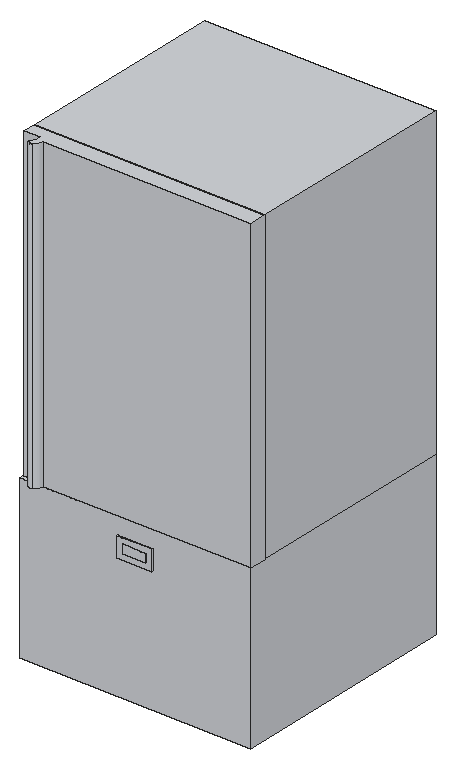
Revit family "Шкафы шоковой заморозки", category Оборудование, Revit 2020 (continued)
Lines and regions (mm)
  model lines, visible <- "Низкий", detail levels fine
    curve 758: line (-400, -341.801, 102.879) -> (-400, -363.014, 81.666)
    curve 2395: line (-18.293, -800, 236.857) -> (-4.151, -800, 222.715)
    curve 2396: line (-18.293, -800, 221.857) -> (-4.151, -800, 207.715)
    curve 2397: line (-18.293, -800, 206.857) -> (-4.151, -800, 192.715)
    curve 2398: line (-18.293, -800, 191.857) -> (-4.151, -800, 177.715)
    curve 2399: line (-18.293, -800, 176.857) -> (-4.151, -800, 162.715)
    curve 2400: line (-18.293, -800, 161.857) -> (-4.151, -800, 147.715)
    curve 2401: line (-18.293, -800, 146.857) -> (-4.151, -800, 132.715)
    curve 2402: line (-18.293, -800, 131.857) -> (-4.151, -800, 117.715)
    curve 2403: line (-18.293, -800, 116.857) -> (-4.151, -800, 102.715)
    curve 2404: line (-18.293, -800, 101.857) -> (-4.151, -800, 87.715)
    curve 2405: line (-18.293, -800, 86.857) -> (-4.151, -800, 72.715)
    curve 2406: line (-18.293, -800, 71.857) -> (-4.151, -800, 57.715)
    curve 2407: line (-38.293, -800, 236.857) -> (-24.151, -800, 222.715)
    curve 2408: line (-38.293, -800, 221.857) -> (-24.151, -800, 207.715)
    curve 2409: line (-38.293, -800, 206.857) -> (-24.151, -800, 192.715)
    curve 2410: line (-38.293, -800, 191.857) -> (-24.151, -800, 177.715)
    curve 2411: line (-38.293, -800, 176.857) -> (-24.151, -800, 162.715)
    curve 2412: line (-38.293, -800, 161.857) -> (-24.151, -800, 147.715)
    curve 2413: line (-38.293, -800, 146.857) -> (-24.151, -800, 132.715)
    curve 2414: line (-38.293, -800, 131.857) -> (-24.151, -800, 117.715)
    curve 2415: line (-38.293, -800, 116.857) -> (-24.151, -800, 102.715)
    curve 2416: line (-38.293, -800, 101.857) -> (-24.151, -800, 87.715)
    curve 2417: line (-38.293, -800, 86.857) -> (-24.151, -800, 72.715)
    curve 2418: line (-38.293, -800, 71.857) -> (-24.151, -800, 57.715)
    curve 2419: line (-58.293, -800, 236.857) -> (-44.151, -800, 222.715)
    curve 2420: line (-58.293, -800, 221.857) -> (-44.151, -800, 207.715)
    curve 2421: line (-58.293, -800, 206.857) -> (-44.151, -800, 192.715)
    curve 2422: line (-58.293, -800, 191.857) -> (-44.151, -800, 177.715)
    curve 2423: line (-58.293, -800, 176.857) -> (-44.151, -800, 162.715)
    curve 2424: line (-58.293, -800, 161.857) -> (-44.151, -800, 147.715)
    curve 2425: line (-58.293, -800, 146.857) -> (-44.151, -800, 132.715)
    curve 2426: line (-58.293, -800, 131.857) -> (-44.151, -800, 117.715)
    curve 2427: line (-58.293, -800, 116.857) -> (-44.151, -800, 102.715)
    curve 2428: line (-58.293, -800, 101.857) -> (-44.151, -800, 87.715)
    curve 2429: line (-58.293, -800, 86.857) -> (-44.151, -800, 72.715)
    curve 2430: line (-58.293, -800, 71.857) -> (-44.151, -800, 57.715)
    curve 2431: line (-78.293, -800, 236.857) -> (-64.151, -800, 222.715)
    curve 2432: line (-78.293, -800, 221.857) -> (-64.151, -800, 207.715)
    curve 2433: line (-78.293, -800, 206.857) -> (-64.151, -800, 192.715)
    curve 2434: line (-78.293, -800, 191.857) -> (-64.151, -800, 177.715)
    curve 2435: line (-78.293, -800, 176.857) -> (-64.151, -800, 162.715)
    curve 2436: line (-78.293, -800, 161.857) -> (-64.151, -800, 147.715)
    curve 2437: line (-78.293, -800, 146.857) -> (-64.151, -800, 132.715)
    curve 2438: line (-78.293, -800, 131.857) -> (-64.151, -800, 117.715)
    curve 2439: line (-78.293, -800, 116.857) -> (-64.151, -800, 102.715)
    curve 2440: line (-78.293, -800, 101.857) -> (-64.151, -800, 87.715)
    curve 2441: line (-78.293, -800, 86.857) -> (-64.151, -800, 72.715)
    curve 2442: line (-78.293, -800, 71.857) -> (-64.151, -800, 57.715)
    curve 2443: line (-98.293, -800, 236.857) -> (-84.151, -800, 222.715)
    curve 2444: line (-98.293, -800, 221.857) -> (-84.151, -800, 207.715)
    curve 2445: line (-98.293, -800, 206.857) -> (-84.151, -800, 192.715)
    curve 2446: line (-98.293, -800, 191.857) -> (-84.151, -800, 177.715)
    curve 2447: line (-98.293, -800, 176.857) -> (-84.151, -800, 162.715)
    curve 2448: line (-98.293, -800, 161.857) -> (-84.151, -800, 147.715)
    curve 2449: line (-98.293, -800, 146.857) -> (-84.151, -800, 132.715)
    curve 2450: line (-98.293, -800, 131.857) -> (-84.151, -800, 117.715)
    curve 2451: line (-98.293, -800, 116.857) -> (-84.151, -800, 102.715)
    curve 2452: line (-98.293, -800, 101.857) -> (-84.151, -800, 87.715)
    curve 2453: line (-98.293, -800, 86.857) -> (-84.151, -800, 72.715)
    curve 2454: line (-98.293, -800, 71.857) -> (-84.151, -800, 57.715)
    curve 2455: line (-98.293, -800, 251.857) -> (-84.151, -800, 237.715)
    curve 2456: line (-98.293, -800, 266.857) -> (-84.151, -800, 252.715)
    curve 2457: line (-98.293, -800, 281.857) -> (-84.151, -800, 267.715)
    curve 2458: line (-98.293, -800, 296.857) -> (-84.151, -800, 282.715)
    curve 2459: line (-98.293, -800, 311.857) -> (-84.151, -800, 297.715)
    curve 2460: line (-118.293, -800, 236.857) -> (-104.151, -800, 222.715)
    curve 2461: line (-118.293, -800, 221.857) -> (-104.151, -800, 207.715)
    curve 2462: line (-118.293, -800, 206.857) -> (-104.151, -800, 192.715)
    curve 2463: line (-118.293, -800, 191.857) -> (-104.151, -800, 177.715)
    curve 2464: line (-118.293, -800, 176.857) -> (-104.151, -800, 162.715)
    curve 2465: line (-118.293, -800, 161.857) -> (-104.151, -800, 147.715)
    curve 2466: line (-118.293, -800, 146.857) -> (-104.151, -800, 132.715)
    curve 2467: line (-118.293, -800, 131.857) -> (-104.151, -800, 117.715)
    curve 2468: line (-118.293, -800, 116.857) -> (-104.151, -800, 102.715)
    curve 2469: line (-118.293, -800, 101.857) -> (-104.151, -800, 87.715)
    curve 2470: line (-118.293, -800, 86.857) -> (-104.151, -800, 72.715)
    curve 2471: line (-118.293, -800, 71.857) -> (-104.151, -800, 57.715)
    curve 2472: line (-118.293, -800, 251.857) -> (-104.151, -800, 237.715)
    curve 2473: line (-118.293, -800, 266.857) -> (-104.151, -800, 252.715)
    curve 2474: line (-118.293, -800, 281.857) -> (-104.151, -800, 267.715)
    curve 2475: line (-118.293, -800, 296.857) -> (-104.151, -800, 282.715)
    curve 2476: line (-118.293, -800, 311.857) -> (-104.151, -800, 297.715)
    curve 2477: line (-138.293, -800, 236.857) -> (-124.151, -800, 222.715)
    curve 2478: line (-138.293, -800, 221.857) -> (-124.151, -800, 207.715)
    curve 2479: line (-138.293, -800, 206.857) -> (-124.151, -800, 192.715)
    curve 2480: line (-138.293, -800, 191.857) -> (-124.151, -800, 177.715)
    curve 2481: line (-138.293, -800, 176.857) -> (-124.151, -800, 162.715)
    curve 2482: line (-138.293, -800, 161.857) -> (-124.151, -800, 147.715)
    curve 2483: line (-138.293, -800, 146.857) -> (-124.151, -800, 132.715)
    curve 2484: line (-138.293, -800, 131.857) -> (-124.151, -800, 117.715)
    curve 2485: line (-138.293, -800, 116.857) -> (-124.151, -800, 102.715)
    curve 2486: line (-138.293, -800, 101.857) -> (-124.151, -800, 87.715)
    curve 2487: line (-138.293, -800, 86.857) -> (-124.151, -800, 72.715)
    curve 2488: line (-138.293, -800, 71.857) -> (-124.151, -800, 57.715)
    curve 2489: line (-138.293, -800, 251.857) -> (-124.151, -800, 237.715)
    curve 2490: line (-138.293, -800, 266.857) -> (-124.151, -800, 252.715)
    curve 2491: line (-138.293, -800, 281.857) -> (-124.151, -800, 267.715)
    curve 2492: line (-138.293, -800, 296.857) -> (-124.151, -800, 282.715)
    curve 2493: line (-138.293, -800, 311.857) -> (-124.151, -800, 297.715)
    curve 2494: line (-158.293, -800, 236.857) -> (-144.151, -800, 222.715)
    curve 2495: line (-158.293, -800, 221.857) -> (-144.151, -800, 207.715)
    curve 2496: line (-158.293, -800, 206.857) -> (-144.151, -800, 192.715)
    curve 2497: line (-158.293, -800, 191.857) -> (-144.151, -800, 177.715)
    curve 2498: line (-158.293, -800, 176.857) -> (-144.151, -800, 162.715)
    curve 2499: line (-158.293, -800, 161.857) -> (-144.151, -800, 147.715)
    curve 2500: line (-158.293, -800, 146.857) -> (-144.151, -800, 132.715)
    curve 2501: line (-158.293, -800, 131.857) -> (-144.151, -800, 117.715)
    curve 2502: line (-158.293, -800, 116.857) -> (-144.151, -800, 102.715)
    curve 2503: line (-158.293, -800, 101.857) -> (-144.151, -800, 87.715)
    curve 2504: line (-158.293, -800, 86.857) -> (-144.151, -800, 72.715)
    curve 2505: line (-158.293, -800, 71.857) -> (-144.151, -800, 57.715)
    curve 2506: line (-158.293, -800, 251.857) -> (-144.151, -800, 237.715)
    curve 2507: line (-158.293, -800, 266.857) -> (-144.151, -800, 252.715)
    curve 2508: line (-158.293, -800, 281.857) -> (-144.151, -800, 267.715)
    curve 2509: line (-158.293, -800, 296.857) -> (-144.151, -800, 282.715)
    curve 2510: line (-158.293, -800, 311.857) -> (-144.151, -800, 297.715)
    curve 2511: line (-178.293, -800, 236.857) -> (-164.151, -800, 222.715)
    curve 2512: line (-178.293, -800, 221.857) -> (-164.151, -800, 207.715)
    curve 2513: line (-178.293, -800, 206.857) -> (-164.151, -800, 192.715)
    curve 2514: line (-178.293, -800, 191.857) -> (-164.151, -800, 177.715)
    curve 2515: line (-178.293, -800, 176.857) -> (-164.151, -800, 162.715)
    curve 2516: line (-178.293, -800, 161.857) -> (-164.151, -800, 147.715)
    curve 2517: line (-178.293, -800, 146.857) -> (-164.151, -800, 132.715)
    curve 2518: line (-178.293, -800, 131.857) -> (-164.151, -800, 117.715)
    curve 2519: line (-178.293, -800, 116.857) -> (-164.151, -800, 102.715)
    curve 2520: line (-178.293, -800, 101.857) -> (-164.151, -800, 87.715)
    curve 2521: line (-178.293, -800, 86.857) -> (-164.151, -800, 72.715)
    curve 2522: line (-178.293, -800, 71.857) -> (-164.151, -800, 57.715)
    curve 2523: line (-178.293, -800, 251.857) -> (-164.151, -800, 237.715)
    curve 2524: line (-178.293, -800, 266.857) -> (-164.151, -800, 252.715)
    curve 2525: line (-178.293, -800, 281.857) -> (-164.151, -800, 267.715)
    curve 2526: line (-178.293, -800, 296.857) -> (-164.151, -800, 282.715)
    curve 2527: line (-178.293, -800, 311.857) -> (-164.151, -800, 297.715)
    curve 2528: line (-198.293, -800, 236.857) -> (-184.151, -800, 222.715)
    curve 2529: line (-198.293, -800, 221.857) -> (-184.151, -800, 207.715)
    curve 2530: line (-198.293, -800, 206.857) -> (-184.151, -800, 192.715)
    curve 2531: line (-198.293, -800, 191.857) -> (-184.151, -800, 177.715)
    curve 2532: line (-198.293, -800, 176.857) -> (-184.151, -800, 162.715)
    curve 2533: line (-198.293, -800, 161.857) -> (-184.151, -800, 147.715)
    curve 2534: line (-198.293, -800, 146.857) -> (-184.151, -800, 132.715)
    curve 2535: line (-198.293, -800, 131.857) -> (-184.151, -800, 117.715)
    curve 2536: line (-198.293, -800, 116.857) -> (-184.151, -800, 102.715)
    curve 2537: line (-198.293, -800, 101.857) -> (-184.151, -800, 87.715)
    curve 2538: line (-198.293, -800, 86.857) -> (-184.151, -800, 72.715)
    curve 2539: line (-198.293, -800, 71.857) -> (-184.151, -800, 57.715)
    curve 2540: line (-198.293, -800, 251.857) -> (-184.151, -800, 237.715)
    curve 2541: line (-198.293, -800, 266.857) -> (-184.151, -800, 252.715)
    curve 2542: line (-198.293, -800, 281.857) -> (-184.151, -800, 267.715)
    curve 2543: line (-198.293, -800, 296.857) -> (-184.151, -800, 282.715)
    curve 2544: line (-198.293, -800, 311.857) -> (-184.151, -800, 297.715)
    curve 2545: line (-218.293, -800, 236.857) -> (-204.151, -800, 222.715)
    curve 2546: line (-218.293, -800, 221.857) -> (-204.151, -800, 207.715)
    curve 2547: line (-218.293, -800, 206.857) -> (-204.151, -800, 192.715)
    curve 2548: line (-218.293, -800, 191.857) -> (-204.151, -800, 177.715)
    curve 2549: line (-218.293, -800, 176.857) -> (-204.151, -800, 162.715)
    curve 2550: line (-218.293, -800, 161.857) -> (-204.151, -800, 147.715)
    curve 2551: line (-218.293, -800, 146.857) -> (-204.151, -800, 132.715)
    curve 2552: line (-218.293, -800, 131.857) -> (-204.151, -800, 117.715)
    curve 2553: line (-218.293, -800, 116.857) -> (-204.151, -800, 102.715)
    curve 2554: line (-218.293, -800, 101.857) -> (-204.151, -800, 87.715)
    curve 2555: line (-218.293, -800, 86.857) -> (-204.151, -800, 72.715)
    curve 2556: line (-218.293, -800, 71.857) -> (-204.151, -800, 57.715)
    curve 2557: line (-218.293, -800, 251.857) -> (-204.151, -800, 237.715)
    curve 2558: line (-218.293, -800, 266.857) -> (-204.151, -800, 252.715)
    curve 2559: line (-218.293, -800, 281.857) -> (-204.151, -800, 267.715)
    curve 2560: line (-218.293, -800, 296.857) -> (-204.151, -800, 282.715)
    curve 2561: line (-218.293, -800, 311.857) -> (-204.151, -800, 297.715)
    curve 2562: line (-238.293, -800, 236.857) -> (-224.151, -800, 222.715)
    curve 2563: line (-238.293, -800, 221.857) -> (-224.151, -800, 207.715)
    curve 2564: line (-238.293, -800, 206.857) -> (-224.151, -800, 192.715)
    curve 2565: line (-238.293, -800, 191.857) -> (-224.151, -800, 177.715)
    curve 2566: line (-238.293, -800, 176.857) -> (-224.151, -800, 162.715)
    curve 2567: line (-238.293, -800, 161.857) -> (-224.151, -800, 147.715)
    curve 2568: line (-238.293, -800, 146.857) -> (-224.151, -800, 132.715)
    curve 2569: line (-238.293, -800, 131.857) -> (-224.151, -800, 117.715)
    curve 2570: line (-238.293, -800, 116.857) -> (-224.151, -800, 102.715)
    curve 2571: line (-238.293, -800, 101.857) -> (-224.151, -800, 87.715)
    curve 2572: line (-238.293, -800, 86.857) -> (-224.151, -800, 72.715)
    curve 2573: line (-238.293, -800, 71.857) -> (-224.151, -800, 57.715)
    curve 2574: line (-238.293, -800, 251.857) -> (-224.151, -800, 237.715)
    curve 2575: line (-238.293, -800, 266.857) -> (-224.151, -800, 252.715)
    curve 2576: line (-238.293, -800, 281.857) -> (-224.151, -800, 267.715)
    curve 2577: line (-238.293, -800, 296.857) -> (-224.151, -800, 282.715)
    curve 2578: line (-238.293, -800, 311.857) -> (-224.151, -800, 297.715)
    curve 2579: line (-258.293, -800, 236.857) -> (-244.151, -800, 222.715)
    curve 2580: line (-258.293, -800, 221.857) -> (-244.151, -800, 207.715)
    curve 2581: line (-258.293, -800, 206.857) -> (-244.151, -800, 192.715)
    curve 2582: line (-258.293, -800, 191.857) -> (-244.151, -800, 177.715)
    curve 2583: line (-258.293, -800, 176.857) -> (-244.151, -800, 162.715)
    curve 2584: line (-258.293, -800, 161.857) -> (-244.151, -800, 147.715)
    curve 2585: line (-258.293, -800, 146.857) -> (-244.151, -800, 132.715)
    curve 2586: line (-258.293, -800, 131.857) -> (-244.151, -800, 117.715)
    curve 2587: line (-258.293, -800, 116.857) -> (-244.151, -800, 102.715)
    curve 2588: line (-258.293, -800, 101.857) -> (-244.151, -800, 87.715)
    curve 2589: line (-258.293, -800, 86.857) -> (-244.151, -800, 72.715)
    curve 2590: line (-258.293, -800, 71.857) -> (-244.151, -800, 57.715)
    curve 2591: line (-258.293, -800, 251.857) -> (-244.151, -800, 237.715)
    curve 2592: line (-258.293, -800, 266.857) -> (-244.151, -800, 252.715)
    curve 2593: line (-258.293, -800, 281.857) -> (-244.151, -800, 267.715)
    curve 2594: line (-258.293, -800, 296.857) -> (-244.151, -800, 282.715)
    curve 2595: line (-258.293, -800, 311.857) -> (-244.151, -800, 297.715)
    curve 2596: line (18.293, -800, 236.857) -> (4.151, -800, 222.715)
    curve 2597: line (18.293, -800, 221.857) -> (4.151, -800, 207.715)
    curve 2598: line (18.293, -800, 206.857) -> (4.151, -800, 192.715)
    curve 2599: line (18.293, -800, 191.857) -> (4.151, -800, 177.715)
    curve 2600: line (18.293, -800, 176.857) -> (4.151, -800, 162.715)
    curve 2601: line (18.293, -800, 161.857) -> (4.151, -800, 147.715)
    curve 2602: line (18.293, -800, 146.857) -> (4.151, -800, 132.715)
    curve 2603: line (18.293, -800, 131.857) -> (4.151, -800, 117.715)
    curve 2604: line (18.293, -800, 116.857) -> (4.151, -800, 102.715)
    curve 2605: line (18.293, -800, 101.857) -> (4.151, -800, 87.715)
    curve 2606: line (18.293, -800, 86.857) -> (4.151, -800, 72.715)
    curve 2607: line (18.293, -800, 71.857) -> (4.151, -800, 57.715)
    curve 2608: line (38.293, -800, 236.857) -> (24.151, -800, 222.715)
    curve 2609: line (38.293, -800, 221.857) -> (24.151, -800, 207.715)
    curve 2610: line (38.293, -800, 206.857) -> (24.151, -800, 192.715)
    curve 2611: line (38.293, -800, 191.857) -> (24.151, -800, 177.715)
    curve 2612: line (38.293, -800, 176.857) -> (24.151, -800, 162.715)
    curve 2613: line (38.293, -800, 161.857) -> (24.151, -800, 147.715)
    curve 2614: line (38.293, -800, 146.857) -> (24.151, -800, 132.715)
    curve 2615: line (38.293, -800, 131.857) -> (24.151, -800, 117.715)
    curve 2616: line (38.293, -800, 116.857) -> (24.151, -800, 102.715)
    curve 2617: line (38.293, -800, 101.857) -> (24.151, -800, 87.715)
    curve 2618: line (38.293, -800, 86.857) -> (24.151, -800, 72.715)
    curve 2619: line (38.293, -800, 71.857) -> (24.151, -800, 57.715)
    curve 2620: line (58.293, -800, 236.857) -> (44.151, -800, 222.715)
    curve 2621: line (58.293, -800, 221.857) -> (44.151, -800, 207.715)
    curve 2622: line (58.293, -800, 206.857) -> (44.151, -800, 192.715)
    curve 2623: line (58.293, -800, 191.857) -> (44.151, -800, 177.715)
    curve 2624: line (58.293, -800, 176.857) -> (44.151, -800, 162.715)
    curve 2625: line (58.293, -800, 161.857) -> (44.151, -800, 147.715)
    curve 2626: line (58.293, -800, 146.857) -> (44.151, -800, 132.715)
    curve 2627: line (58.293, -800, 131.857) -> (44.151, -800, 117.715)
    curve 2628: line (58.293, -800, 116.857) -> (44.151, -800, 102.715)
    curve 2629: line (58.293, -800, 101.857) -> (44.151, -800, 87.715)
    curve 2630: line (58.293, -800, 86.857) -> (44.151, -800, 72.715)
    curve 2631: line (58.293, -800, 71.857) -> (44.151, -800, 57.715)
    curve 2632: line (78.293, -800, 236.857) -> (64.151, -800, 222.715)
    curve 2633: line (78.293, -800, 221.857) -> (64.151, -800, 207.715)
    curve 2634: line (78.293, -800, 206.857) -> (64.151, -800, 192.715)
    curve 2635: line (78.293, -800, 191.857) -> (64.151, -800, 177.715)
    curve 2636: line (78.293, -800, 176.857) -> (64.151, -800, 162.715)
    curve 2637: line (78.293, -800, 161.857) -> (64.151, -800, 147.715)
    curve 2638: line (78.293, -800, 146.857) -> (64.151, -800, 132.715)
    curve 2639: line (78.293, -800, 131.857) -> (64.151, -800, 117.715)
    curve 2640: line (78.293, -800, 116.857) -> (64.151, -800, 102.715)
    curve 2641: line (78.293, -800, 101.857) -> (64.151, -800, 87.715)
    curve 2642: line (78.293, -800, 86.857) -> (64.151, -800, 72.715)
    curve 2643: line (78.293, -800, 71.857) -> (64.151, -800, 57.715)
    curve 2644: line (98.293, -800, 236.857) -> (84.151, -800, 222.715)
    curve 2645: line (98.293, -800, 221.857) -> (84.151, -800, 207.715)
    curve 2646: line (98.293, -800, 206.857) -> (84.151, -800, 192.715)
    curve 2647: line (98.293, -800, 191.857) -> (84.151, -800, 177.715)
    curve 2648: line (98.293, -800, 176.857) -> (84.151, -800, 162.715)
    curve 2649: line (98.293, -800, 161.857) -> (84.151, -800, 147.715)
    curve 2650: line (98.293, -800, 146.857) -> (84.151, -800, 132.715)
    curve 2651: line (98.293, -800, 131.857) -> (84.151, -800, 117.715)
    curve 2652: line (98.293, -800, 116.857) -> (84.151, -800, 102.715)
    curve 2653: line (98.293, -800, 101.857) -> (84.151, -800, 87.715)
    curve 2654: line (98.293, -800, 86.857) -> (84.151, -800, 72.715)
    curve 2655: line (98.293, -800, 71.857) -> (84.151, -800, 57.715)
    curve 2656: line (98.293, -800, 251.857) -> (84.151, -800, 237.715)
    curve 2657: line (98.293, -800, 266.857) -> (84.151, -800, 252.715)
    curve 2658: line (98.293, -800, 281.857) -> (84.151, -800, 267.715)
    curve 2659: line (98.293, -800, 296.857) -> (84.151, -800, 282.715)
    curve 2660: line (98.293, -800, 311.857) -> (84.151, -800, 297.715)
    curve 2661: line (118.293, -800, 236.857) -> (104.151, -800, 222.715)
    curve 2662: line (118.293, -800, 221.857) -> (104.151, -800, 207.715)
    curve 2663: line (118.293, -800, 206.857) -> (104.151, -800, 192.715)
    curve 2664: line (118.293, -800, 191.857) -> (104.151, -800, 177.715)
    curve 2665: line (118.293, -800, 176.857) -> (104.151, -800, 162.715)
    curve 2666: line (118.293, -800, 161.857) -> (104.151, -800, 147.715)
    curve 2667: line (118.293, -800, 146.857) -> (104.151, -800, 132.715)
    curve 2668: line (118.293, -800, 131.857) -> (104.151, -800, 117.715)
    curve 2669: line (118.293, -800, 116.857) -> (104.151, -800, 102.715)
    curve 2670: line (118.293, -800, 101.857) -> (104.151, -800, 87.715)
    curve 2671: line (118.293, -800, 86.857) -> (104.151, -800, 72.715)
    curve 2672: line (118.293, -800, 71.857) -> (104.151, -800, 57.715)
    curve 2673: line (118.293, -800, 251.857) -> (104.151, -800, 237.715)
    curve 2674: line (118.293, -800, 266.857) -> (104.151, -800, 252.715)
    curve 2675: line (118.293, -800, 281.857) -> (104.151, -800, 267.715)
    curve 2676: line (118.293, -800, 296.857) -> (104.151, -800, 282.715)
    curve 2677: line (118.293, -800, 311.857) -> (104.151, -800, 297.715)
    curve 2678: line (138.293, -800, 236.857) -> (124.151, -800, 222.715)
    curve 2679: line (138.293, -800, 221.857) -> (124.151, -800, 207.715)
    curve 2680: line (138.293, -800, 206.857) -> (124.151, -800, 192.715)
    curve 2681: line (138.293, -800, 191.857) -> (124.151, -800, 177.715)
    curve 2682: line (138.293, -800, 176.857) -> (124.151, -800, 162.715)
    curve 2683: line (138.293, -800, 161.857) -> (124.151, -800, 147.715)
    curve 2684: line (138.293, -800, 146.857) -> (124.151, -800, 132.715)
    curve 2685: line (138.293, -800, 131.857) -> (124.151, -800, 117.715)
    curve 2686: line (138.293, -800, 116.857) -> (124.151, -800, 102.715)
    curve 2687: line (138.293, -800, 101.857) -> (124.151, -800, 87.715)
    curve 2688: line (138.293, -800, 86.857) -> (124.151, -800, 72.715)
    curve 2689: line (138.293, -800, 71.857) -> (124.151, -800, 57.715)
    curve 2690: line (138.293, -800, 251.857) -> (124.151, -800, 237.715)
    curve 2691: line (138.293, -800, 266.857) -> (124.151, -800, 252.715)
    curve 2692: line (138.293, -800, 281.857) -> (124.151, -800, 267.715)
    curve 2693: line (138.293, -800, 296.857) -> (124.151, -800, 282.715)
    curve 2694: line (138.293, -800, 311.857) -> (124.151, -800, 297.715)
    curve 2695: line (158.293, -800, 236.857) -> (144.151, -800, 222.715)
    curve 2696: line (158.293, -800, 221.857) -> (144.151, -800, 207.715)
    curve 2697: line (158.293, -800, 206.857) -> (144.151, -800, 192.715)
    curve 2698: line (158.293, -800, 191.857) -> (144.151, -800, 177.715)
    curve 2699: line (158.293, -800, 176.857) -> (144.151, -800, 162.715)
    curve 2700: line (158.293, -800, 161.857) -> (144.151, -800, 147.715)
    curve 2701: line (158.293, -800, 146.857) -> (144.151, -800, 132.715)
    curve 2702: line (158.293, -800, 131.857) -> (144.151, -800, 117.715)
    curve 2703: line (158.293, -800, 116.857) -> (144.151, -800, 102.715)
    curve 2704: line (158.293, -800, 101.857) -> (144.151, -800, 87.715)
    curve 2705: line (158.293, -800, 86.857) -> (144.151, -800, 72.715)
    curve 2706: line (158.293, -800, 71.857) -> (144.151, -800, 57.715)
    curve 2707: line (158.293, -800, 251.857) -> (144.151, -800, 237.715)
    curve 2708: line (158.293, -800, 266.857) -> (144.151, -800, 252.715)
    curve 2709: line (158.293, -800, 281.857) -> (144.151, -800, 267.715)
    curve 2710: line (158.293, -800, 296.857) -> (144.151, -800, 282.715)
    curve 2711: line (158.293, -800, 311.857) -> (144.151, -800, 297.715)
    curve 2712: line (178.293, -800, 236.857) -> (164.151, -800, 222.715)
    curve 2713: line (178.293, -800, 221.857) -> (164.151, -800, 207.715)
    curve 2714: line (178.293, -800, 206.857) -> (164.151, -800, 192.715)
    curve 2715: line (178.293, -800, 191.857) -> (164.151, -800, 177.715)
    curve 2716: line (178.293, -800, 176.857) -> (164.151, -800, 162.715)
    curve 2717: line (178.293, -800, 161.857) -> (164.151, -800, 147.715)
    curve 2718: line (178.293, -800, 146.857) -> (164.151, -800, 132.715)
    curve 2719: line (178.293, -800, 131.857) -> (164.151, -800, 117.715)
    curve 2720: line (178.293, -800, 116.857) -> (164.151, -800, 102.715)
    curve 2721: line (178.293, -800, 101.857) -> (164.151, -800, 87.715)
    curve 2722: line (178.293, -800, 86.857) -> (164.151, -800, 72.715)
    curve 2723: line (178.293, -800, 71.857) -> (164.151, -800, 57.715)
    curve 2724: line (178.293, -800, 251.857) -> (164.151, -800, 237.715)
    curve 2725: line (178.293, -800, 266.857) -> (164.151, -800, 252.715)
    curve 2726: line (178.293, -800, 281.857) -> (164.151, -800, 267.715)
    curve 2727: line (178.293, -800, 296.857) -> (164.151, -800, 282.715)
    curve 2728: line (178.293, -800, 311.857) -> (164.151, -800, 297.715)
    curve 2729: line (198.293, -800, 236.857) -> (184.151, -800, 222.715)
    curve 2730: line (198.293, -800, 221.857) -> (184.151, -800, 207.715)
    curve 2731: line (198.293, -800, 206.857) -> (184.151, -800, 192.715)
    curve 2732: line (198.293, -800, 191.857) -> (184.151, -800, 177.715)
    curve 2733: line (198.293, -800, 176.857) -> (184.151, -800, 162.715)
    curve 2734: line (198.293, -800, 161.857) -> (184.151, -800, 147.715)
    curve 2735: line (198.293, -800, 146.857) -> (184.151, -800, 132.715)
    curve 2736: line (198.293, -800, 131.857) -> (184.151, -800, 117.715)
    curve 2737: line (198.293, -800, 116.857) -> (184.151, -800, 102.715)
    curve 2738: line (198.293, -800, 101.857) -> (184.151, -800, 87.715)
    curve 2739: line (198.293, -800, 86.857) -> (184.151, -800, 72.715)
    curve 2740: line (198.293, -800, 71.857) -> (184.151, -800, 57.715)
    curve 2741: line (198.293, -800, 251.857) -> (184.151, -800, 237.715)
    curve 2742: line (198.293, -800, 266.857) -> (184.151, -800, 252.715)
    curve 2743: line (198.293, -800, 281.857) -> (184.151, -800, 267.715)
    curve 2744: line (198.293, -800, 296.857) -> (184.151, -800, 282.715)
    curve 2745: line (198.293, -800, 311.857) -> (184.151, -800, 297.715)
    curve 2746: line (218.293, -800, 236.857) -> (204.151, -800, 222.715)
    curve 2747: line (218.293, -800, 221.857) -> (204.151, -800, 207.715)
    curve 2748: line (218.293, -800, 206.857) -> (204.151, -800, 192.715)
    curve 2749: line (218.293, -800, 191.857) -> (204.151, -800, 177.715)
    curve 2750: line (218.293, -800, 176.857) -> (204.151, -800, 162.715)
    curve 2751: line (218.293, -800, 161.857) -> (204.151, -800, 147.715)
    curve 2752: line (218.293, -800, 146.857) -> (204.151, -800, 132.715)
    curve 2753: line (218.293, -800, 131.857) -> (204.151, -800, 117.715)
    curve 2754: line (218.293, -800, 116.857) -> (204.151, -800, 102.715)
    curve 2755: line (218.293, -800, 101.857) -> (204.151, -800, 87.715)
    curve 2756: line (218.293, -800, 86.857) -> (204.151, -800, 72.715)
    curve 2757: line (218.293, -800, 71.857) -> (204.151, -800, 57.715)
    curve 2758: line (218.293, -800, 251.857) -> (204.151, -800, 237.715)
    curve 2759: line (218.293, -800, 266.857) -> (204.151, -800, 252.715)
    curve 2760: line (218.293, -800, 281.857) -> (204.151, -800, 267.715)
    curve 2761: line (218.293, -800, 296.857) -> (204.151, -800, 282.715)
    curve 2762: line (218.293, -800, 311.857) -> (204.151, -800, 297.715)
    curve 2763: line (238.293, -800, 236.857) -> (224.151, -800, 222.715)
    curve 2764: line (238.293, -800, 221.857) -> (224.151, -800, 207.715)
    curve 2765: line (238.293, -800, 206.857) -> (224.151, -800, 192.715)
    curve 2766: line (238.293, -800, 191.857) -> (224.151, -800, 177.715)
    curve 2767: line (238.293, -800, 176.857) -> (224.151, -800, 162.715)
    curve 2768: line (238.293, -800, 161.857) -> (224.151, -800, 147.715)
    curve 2769: line (238.293, -800, 146.857) -> (224.151, -800, 132.715)
    curve 2770: line (238.293, -800, 131.857) -> (224.151, -800, 117.715)
    curve 2771: line (238.293, -800, 116.857) -> (224.151, -800, 102.715)
    curve 2772: line (238.293, -800, 101.857) -> (224.151, -800, 87.715)
    curve 2773: line (238.293, -800, 86.857) -> (224.151, -800, 72.715)
    curve 2774: line (238.293, -800, 71.857) -> (224.151, -800, 57.715)
    curve 2775: line (238.293, -800, 251.857) -> (224.151, -800, 237.715)
    curve 2776: line (238.293, -800, 266.857) -> (224.151, -800, 252.715)
    curve 2777: line (238.293, -800, 281.857) -> (224.151, -800, 267.715)
    curve 2778: line (238.293, -800, 296.857) -> (224.151, -800, 282.715)
    curve 2779: line (238.293, -800, 311.857) -> (224.151, -800, 297.715)
    curve 2780: line (258.293, -800, 236.857) -> (244.151, -800, 222.715)
    curve 2781: line (258.293, -800, 221.857) -> (244.151, -800, 207.715)
    curve 2782: line (258.293, -800, 206.857) -> (244.151, -800, 192.715)
    curve 2783: line (258.293, -800, 191.857) -> (244.151, -800, 177.715)
    curve 2784: line (258.293, -800, 176.857) -> (244.151, -800, 162.715)
    curve 2785: line (258.293, -800, 161.857) -> (244.151, -800, 147.715)
    curve 2786: line (258.293, -800, 146.857) -> (244.151, -800, 132.715)
    curve 2787: line (258.293, -800, 131.857) -> (244.151, -800, 117.715)
    curve 2788: line (258.293, -800, 116.857) -> (244.151, -800, 102.715)
    curve 2789: line (258.293, -800, 101.857) -> (244.151, -800, 87.715)
    curve 2790: line (258.293, -800, 86.857) -> (244.151, -800, 72.715)
    curve 2791: line (258.293, -800, 71.857) -> (244.151, -800, 57.715)
    curve 2792: line (258.293, -800, 251.857) -> (244.151, -800, 237.715)
    curve 2793: line (258.293, -800, 266.857) -> (244.151, -800, 252.715)
    curve 2794: line (258.293, -800, 281.857) -> (244.151, -800, 267.715)
    curve 2795: line (258.293, -800, 296.857) -> (244.151, -800, 282.715)
    curve 2796: line (258.293, -800, 311.857) -> (244.151, -800, 297.715)
    curve 2797: line (-98.293, -800, 326.857) -> (-84.151, -800, 312.715)
    curve 2798: line (-118.293, -800, 326.857) -> (-104.151, -800, 312.715)
    curve 2799: line (-138.293, -800, 326.857) -> (-124.151, -800, 312.715)
    curve 2800: line (-158.293, -800, 326.857) -> (-144.151, -800, 312.715)
    curve 2801: line (-178.293, -800, 326.857) -> (-164.151, -800, 312.715)
    curve 2802: line (-198.293, -800, 326.857) -> (-184.151, -800, 312.715)
    curve 2803: line (-218.293, -800, 326.857) -> (-204.151, -800, 312.715)
    curve 2804: line (-238.293, -800, 326.857) -> (-224.151, -800, 312.715)
    curve 2805: line (-258.293, -800, 326.857) -> (-244.151, -800, 312.715)
    curve 2806: line (98.293, -800, 326.857) -> (84.151, -800, 312.715)
    curve 2807: line (118.293, -800, 326.857) -> (104.151, -800, 312.715)
    curve 2808: line (138.293, -800, 326.857) -> (124.151, -800, 312.715)
    curve 2809: line (158.293, -800, 326.857) -> (144.151, -800, 312.715)
    curve 2810: line (178.293, -800, 326.857) -> (164.151, -800, 312.715)
    curve 2811: line (198.293, -800, 326.857) -> (184.151, -800, 312.715)
    curve 2812: line (218.293, -800, 326.857) -> (204.151, -800, 312.715)
    curve 2813: line (238.293, -800, 326.857) -> (224.151, -800, 312.715)
    curve 2814: line (258.293, -800, 326.857) -> (244.151, -800, 312.715)
    curve 2815: line (-98.293, -800, 341.857) -> (-84.151, -800, 327.715)
    curve 2816: line (-118.293, -800, 341.857) -> (-104.151, -800, 327.715)
    curve 2817: line (-138.293, -800, 341.857) -> (-124.151, -800, 327.715)
    curve 2818: line (-158.293, -800, 341.857) -> (-144.151, -800, 327.715)
    curve 2819: line (-178.293, -800, 341.857) -> (-164.151, -800, 327.715)
    curve 2820: line (-198.293, -800, 341.857) -> (-184.151, -800, 327.715)
    curve 2821: line (-218.293, -800, 341.857) -> (-204.151, -800, 327.715)
    curve 2822: line (-238.293, -800, 341.857) -> (-224.151, -800, 327.715)
    curve 2823: line (-258.293, -800, 341.857) -> (-244.151, -800, 327.715)
    curve 2824: line (98.293, -800, 341.857) -> (84.151, -800, 327.715)
    curve 2825: line (118.293, -800, 341.857) -> (104.151, -800, 327.715)
    curve 2826: line (138.293, -800, 341.857) -> (124.151, -800, 327.715)
    curve 2827: line (158.293, -800, 341.857) -> (144.151, -800, 327.715)
    curve 2828: line (178.293, -800, 341.857) -> (164.151, -800, 327.715)
    curve 2829: line (198.293, -800, 341.857) -> (184.151, -800, 327.715)
    curve 2830: line (218.293, -800, 341.857) -> (204.151, -800, 327.715)
    curve 2831: line (238.293, -800, 341.857) -> (224.151, -800, 327.715)
    curve 2832: line (258.293, -800, 341.857) -> (244.151, -800, 327.715)
  model lines, visible <- "Низкий", detail levels medium
    curve 759: line (-400, -71.801, 207.879) -> (-400, -664.716, 207.879)
    curve 760: line (-400, -71.801, 77.264) -> (-400, -71.801, 207.879)
    curve 761: line (-400, -664.716, 77.264) -> (-400, -71.801, 77.264)
    curve 762: line (-400, -664.716, 207.879) -> (-400, -664.716, 77.264)
    curve 763: line (400, -71.801, 207.723) -> (400, -664.716, 207.723)
    curve 764: line (400, -71.801, 77.264) -> (400, -71.801, 207.723)
    curve 765: line (400, -664.716, 77.264) -> (400, -71.801, 77.264)
    curve 766: line (400, -664.716, 207.723) -> (400, -664.716, 77.264)
    curve 767: line (-258.293, -800, 341.857) -> (-258.293, -800, 56.857)
    curve 768: line (-258.293, -800, 56.857) -> (258.293, -800, 56.857)
    curve 769: line (258.293, -800, 56.857) -> (258.293, -800, 341.857)
    curve 770: line (258.293, -800, 341.857) -> (84.151, -800, 341.857)
    curve 771: line (84.151, -800, 341.857) -> (84.151, -800, 237.715)
    curve 772: line (84.151, -800, 237.715) -> (-84.151, -800, 237.715)
    curve 773: line (-84.151, -800, 237.715) -> (-84.151, -800, 341.857)
    curve 774: line (-84.151, -800, 341.857) -> (-258.293, -800, 341.857)
    curve 2833: line (-258.293, -800, 341.857) -> (-258.293, -800, 56.857)
    curve 2834: line (-258.293, -800, 56.857) -> (258.293, -800, 56.857)
    curve 2835: line (258.293, -800, 56.857) -> (258.293, -800, 341.857)
    curve 2836: line (258.293, -800, 341.857) -> (84.151, -800, 341.857)
    curve 2837: line (84.151, -800, 341.857) -> (84.151, -800, 237.715)
    curve 2838: line (84.151, -800, 237.715) -> (-84.151, -800, 237.715)
    curve 2839: line (-84.151, -800, 237.715) -> (-84.151, -800, 341.857)
    curve 2840: line (-84.151, -800, 341.857) -> (-258.293, -800, 341.857)
  model lines, visible <- "Высокий", detail levels fine
    curve 775: line (-18.293, -800, 450.159) -> (-4.151, -800, 436.017)
    curve 776: line (-18.293, -800, 435.159) -> (-4.151, -800, 421.017)
    curve 777: line (-18.293, -800, 420.159) -> (-4.151, -800, 406.017)
    curve 778: line (-18.293, -800, 405.159) -> (-4.151, -800, 391.017)
    curve 779: line (-18.293, -800, 390.159) -> (-4.151, -800, 376.017)
    curve 780: line (-18.293, -800, 375.159) -> (-4.151, -800, 361.017)
    curve 781: line (-18.293, -800, 360.159) -> (-4.151, -800, 346.017)
    curve 782: line (-18.293, -800, 345.159) -> (-4.151, -800, 331.017)
    curve 783: line (-18.293, -800, 330.159) -> (-4.151, -800, 316.017)
    curve 784: line (-18.293, -800, 315.159) -> (-4.151, -800, 301.017)
    curve 785: line (-18.293, -800, 300.159) -> (-4.151, -800, 286.017)
    curve 786: line (-18.293, -800, 285.159) -> (-4.151, -800, 271.017)
    curve 787: line (-38.293, -800, 450.159) -> (-24.151, -800, 436.017)
    curve 788: line (-38.293, -800, 435.159) -> (-24.151, -800, 421.017)
    curve 789: line (-38.293, -800, 420.159) -> (-24.151, -800, 406.017)
    curve 790: line (-38.293, -800, 405.159) -> (-24.151, -800, 391.017)
    curve 791: line (-38.293, -800, 390.159) -> (-24.151, -800, 376.017)
    curve 792: line (-38.293, -800, 375.159) -> (-24.151, -800, 361.017)
    curve 793: line (-38.293, -800, 360.159) -> (-24.151, -800, 346.017)
    curve 794: line (-38.293, -800, 345.159) -> (-24.151, -800, 331.017)
    curve 795: line (-38.293, -800, 330.159) -> (-24.151, -800, 316.017)
    curve 796: line (-38.293, -800, 315.159) -> (-24.151, -800, 301.017)
    curve 797: line (-38.293, -800, 300.159) -> (-24.151, -800, 286.017)
    curve 798: line (-38.293, -800, 285.159) -> (-24.151, -800, 271.017)
    curve 799: line (-58.293, -800, 450.159) -> (-44.151, -800, 436.017)
    curve 800: line (-58.293, -800, 435.159) -> (-44.151, -800, 421.017)
    curve 801: line (-58.293, -800, 420.159) -> (-44.151, -800, 406.017)
    curve 802: line (-58.293, -800, 405.159) -> (-44.151, -800, 391.017)
    curve 803: line (-58.293, -800, 390.159) -> (-44.151, -800, 376.017)
    curve 804: line (-58.293, -800, 375.159) -> (-44.151, -800, 361.017)
    curve 805: line (-58.293, -800, 360.159) -> (-44.151, -800, 346.017)
    curve 806: line (-58.293, -800, 345.159) -> (-44.151, -800, 331.017)
    curve 807: line (-58.293, -800, 330.159) -> (-44.151, -800, 316.017)
    curve 808: line (-58.293, -800, 315.159) -> (-44.151, -800, 301.017)
    curve 809: line (-58.293, -800, 300.159) -> (-44.151, -800, 286.017)
    curve 810: line (-58.293, -800, 285.159) -> (-44.151, -800, 271.017)
    curve 811: line (-78.293, -800, 450.159) -> (-64.151, -800, 436.017)
    curve 812: line (-78.293, -800, 435.159) -> (-64.151, -800, 421.017)
    curve 813: line (-78.293, -800, 420.159) -> (-64.151, -800, 406.017)
    curve 814: line (-78.293, -800, 405.159) -> (-64.151, -800, 391.017)
    curve 815: line (-78.293, -800, 390.159) -> (-64.151, -800, 376.017)
    curve 816: line (-78.293, -800, 375.159) -> (-64.151, -800, 361.017)
    curve 817: line (-78.293, -800, 360.159) -> (-64.151, -800, 346.017)
    curve 818: line (-78.293, -800, 345.159) -> (-64.151, -800, 331.017)
    curve 819: line (-78.293, -800, 330.159) -> (-64.151, -800, 316.017)
    curve 820: line (-78.293, -800, 315.159) -> (-64.151, -800, 301.017)
    curve 821: line (-78.293, -800, 300.159) -> (-64.151, -800, 286.017)
    curve 822: line (-78.293, -800, 285.159) -> (-64.151, -800, 271.017)
    curve 823: line (-98.293, -800, 450.159) -> (-84.151, -800, 436.017)
    curve 824: line (-98.293, -800, 435.159) -> (-84.151, -800, 421.017)
    curve 825: line (-98.293, -800, 420.159) -> (-84.151, -800, 406.017)
    curve 826: line (-98.293, -800, 405.159) -> (-84.151, -800, 391.017)
    curve 827: line (-98.293, -800, 390.159) -> (-84.151, -800, 376.017)
    curve 828: line (-98.293, -800, 375.159) -> (-84.151, -800, 361.017)
    curve 829: line (-98.293, -800, 360.159) -> (-84.151, -800, 346.017)
    curve 830: line (-98.293, -800, 345.159) -> (-84.151, -800, 331.017)
    curve 831: line (-98.293, -800, 330.159) -> (-84.151, -800, 316.017)
    curve 832: line (-98.293, -800, 315.159) -> (-84.151, -800, 301.017)
    curve 833: line (-98.293, -800, 300.159) -> (-84.151, -800, 286.017)
    curve 834: line (-98.293, -800, 285.159) -> (-84.151, -800, 271.017)
    curve 835: line (-98.293, -800, 465.159) -> (-84.151, -800, 451.017)
    curve 836: line (-98.293, -800, 480.159) -> (-84.151, -800, 466.017)
    curve 837: line (-98.293, -800, 495.159) -> (-84.151, -800, 481.017)
    curve 838: line (-98.293, -800, 510.159) -> (-84.151, -800, 496.017)
    curve 839: line (-98.293, -800, 525.159) -> (-84.151, -800, 511.017)
    curve 840: line (-118.293, -800, 450.159) -> (-104.151, -800, 436.017)
    curve 841: line (-118.293, -800, 435.159) -> (-104.151, -800, 421.017)
    curve 842: line (-118.293, -800, 420.159) -> (-104.151, -800, 406.017)
    curve 843: line (-118.293, -800, 405.159) -> (-104.151, -800, 391.017)
    curve 844: line (-118.293, -800, 390.159) -> (-104.151, -800, 376.017)
    curve 845: line (-118.293, -800, 375.159) -> (-104.151, -800, 361.017)
    curve 846: line (-118.293, -800, 360.159) -> (-104.151, -800, 346.017)
    curve 847: line (-118.293, -800, 345.159) -> (-104.151, -800, 331.017)
    curve 848: line (-118.293, -800, 330.159) -> (-104.151, -800, 316.017)
    curve 849: line (-118.293, -800, 315.159) -> (-104.151, -800, 301.017)
    curve 850: line (-118.293, -800, 300.159) -> (-104.151, -800, 286.017)
    curve 851: line (-118.293, -800, 285.159) -> (-104.151, -800, 271.017)
    curve 852: line (-118.293, -800, 465.159) -> (-104.151, -800, 451.017)
    curve 853: line (-118.293, -800, 480.159) -> (-104.151, -800, 466.017)
    curve 854: line (-118.293, -800, 495.159) -> (-104.151, -800, 481.017)
    curve 855: line (-118.293, -800, 510.159) -> (-104.151, -800, 496.017)
    curve 856: line (-118.293, -800, 525.159) -> (-104.151, -800, 511.017)
    curve 857: line (-138.293, -800, 450.159) -> (-124.151, -800, 436.017)
    curve 858: line (-138.293, -800, 435.159) -> (-124.151, -800, 421.017)
    curve 859: line (-138.293, -800, 420.159) -> (-124.151, -800, 406.017)
    curve 860: line (-138.293, -800, 405.159) -> (-124.151, -800, 391.017)
    curve 861: line (-138.293, -800, 390.159) -> (-124.151, -800, 376.017)
    curve 862: line (-138.293, -800, 375.159) -> (-124.151, -800, 361.017)
    curve 863: line (-138.293, -800, 360.159) -> (-124.151, -800, 346.017)
    curve 864: line (-138.293, -800, 345.159) -> (-124.151, -800, 331.017)
    curve 865: line (-138.293, -800, 330.159) -> (-124.151, -800, 316.017)
    curve 866: line (-138.293, -800, 315.159) -> (-124.151, -800, 301.017)
    curve 867: line (-138.293, -800, 300.159) -> (-124.151, -800, 286.017)
    curve 868: line (-138.293, -800, 285.159) -> (-124.151, -800, 271.017)
    curve 869: line (-138.293, -800, 465.159) -> (-124.151, -800, 451.017)
    curve 870: line (-138.293, -800, 480.159) -> (-124.151, -800, 466.017)
    curve 871: line (-138.293, -800, 495.159) -> (-124.151, -800, 481.017)
    curve 872: line (-138.293, -800, 510.159) -> (-124.151, -800, 496.017)
    curve 873: line (-138.293, -800, 525.159) -> (-124.151, -800, 511.017)
    curve 874: line (-158.293, -800, 450.159) -> (-144.151, -800, 436.017)
    curve 875: line (-158.293, -800, 435.159) -> (-144.151, -800, 421.017)
    curve 876: line (-158.293, -800, 420.159) -> (-144.151, -800, 406.017)
    curve 877: line (-158.293, -800, 405.159) -> (-144.151, -800, 391.017)
    curve 878: line (-158.293, -800, 390.159) -> (-144.151, -800, 376.017)
    curve 879: line (-158.293, -800, 375.159) -> (-144.151, -800, 361.017)
    curve 880: line (-158.293, -800, 360.159) -> (-144.151, -800, 346.017)
    curve 881: line (-158.293, -800, 345.159) -> (-144.151, -800, 331.017)
    curve 882: line (-158.293, -800, 330.159) -> (-144.151, -800, 316.017)
    curve 883: line (-158.293, -800, 315.159) -> (-144.151, -800, 301.017)
    curve 884: line (-158.293, -800, 300.159) -> (-144.151, -800, 286.017)
    curve 885: line (-158.293, -800, 285.159) -> (-144.151, -800, 271.017)
    curve 886: line (-158.293, -800, 465.159) -> (-144.151, -800, 451.017)
    curve 887: line (-158.293, -800, 480.159) -> (-144.151, -800, 466.017)
    curve 888: line (-158.293, -800, 495.159) -> (-144.151, -800, 481.017)
    curve 889: line (-158.293, -800, 510.159) -> (-144.151, -800, 496.017)
    curve 890: line (-158.293, -800, 525.159) -> (-144.151, -800, 511.017)
    curve 891: line (-178.293, -800, 450.159) -> (-164.151, -800, 436.017)
    curve 892: line (-178.293, -800, 435.159) -> (-164.151, -800, 421.017)
    curve 893: line (-178.293, -800, 420.159) -> (-164.151, -800, 406.017)
    curve 894: line (-178.293, -800, 405.159) -> (-164.151, -800, 391.017)
    curve 895: line (-178.293, -800, 390.159) -> (-164.151, -800, 376.017)
    curve 896: line (-178.293, -800, 375.159) -> (-164.151, -800, 361.017)
    curve 897: line (-178.293, -800, 360.159) -> (-164.151, -800, 346.017)
    curve 898: line (-178.293, -800, 345.159) -> (-164.151, -800, 331.017)
    curve 899: line (-178.293, -800, 330.159) -> (-164.151, -800, 316.017)
    curve 900: line (-178.293, -800, 315.159) -> (-164.151, -800, 301.017)
    curve 901: line (-178.293, -800, 300.159) -> (-164.151, -800, 286.017)
    curve 902: line (-178.293, -800, 285.159) -> (-164.151, -800, 271.017)
    curve 903: line (-178.293, -800, 465.159) -> (-164.151, -800, 451.017)
    curve 904: line (-178.293, -800, 480.159) -> (-164.151, -800, 466.017)
    curve 905: line (-178.293, -800, 495.159) -> (-164.151, -800, 481.017)
    curve 906: line (-178.293, -800, 510.159) -> (-164.151, -800, 496.017)
    curve 907: line (-178.293, -800, 525.159) -> (-164.151, -800, 511.017)
    curve 908: line (-198.293, -800, 450.159) -> (-184.151, -800, 436.017)
    curve 909: line (-198.293, -800, 435.159) -> (-184.151, -800, 421.017)
    curve 910: line (-198.293, -800, 420.159) -> (-184.151, -800, 406.017)
    curve 911: line (-198.293, -800, 405.159) -> (-184.151, -800, 391.017)
    curve 912: line (-198.293, -800, 390.159) -> (-184.151, -800, 376.017)
    curve 913: line (-198.293, -800, 375.159) -> (-184.151, -800, 361.017)
    curve 914: line (-198.293, -800, 360.159) -> (-184.151, -800, 346.017)
    curve 915: line (-198.293, -800, 345.159) -> (-184.151, -800, 331.017)
    curve 916: line (-198.293, -800, 330.159) -> (-184.151, -800, 316.017)
    curve 917: line (-198.293, -800, 315.159) -> (-184.151, -800, 301.017)
    curve 918: line (-198.293, -800, 300.159) -> (-184.151, -800, 286.017)
    curve 919: line (-198.293, -800, 285.159) -> (-184.151, -800, 271.017)
    curve 920: line (-198.293, -800, 465.159) -> (-184.151, -800, 451.017)
    curve 921: line (-198.293, -800, 480.159) -> (-184.151, -800, 466.017)
    curve 922: line (-198.293, -800, 495.159) -> (-184.151, -800, 481.017)
    curve 923: line (-198.293, -800, 510.159) -> (-184.151, -800, 496.017)
    curve 924: line (-198.293, -800, 525.159) -> (-184.151, -800, 511.017)
    curve 925: line (-218.293, -800, 450.159) -> (-204.151, -800, 436.017)
    curve 926: line (-218.293, -800, 435.159) -> (-204.151, -800, 421.017)
    curve 927: line (-218.293, -800, 420.159) -> (-204.151, -800, 406.017)
    curve 928: line (-218.293, -800, 405.159) -> (-204.151, -800, 391.017)
    curve 929: line (-218.293, -800, 390.159) -> (-204.151, -800, 376.017)
    curve 930: line (-218.293, -800, 375.159) -> (-204.151, -800, 361.017)
    curve 931: line (-218.293, -800, 360.159) -> (-204.151, -800, 346.017)
    curve 932: line (-218.293, -800, 345.159) -> (-204.151, -800, 331.017)
    curve 933: line (-218.293, -800, 330.159) -> (-204.151, -800, 316.017)
    curve 934: line (-218.293, -800, 315.159) -> (-204.151, -800, 301.017)
    curve 935: line (-218.293, -800, 300.159) -> (-204.151, -800, 286.017)
    curve 936: line (-218.293, -800, 285.159) -> (-204.151, -800, 271.017)
    curve 937: line (-218.293, -800, 465.159) -> (-204.151, -800, 451.017)
    curve 938: line (-218.293, -800, 480.159) -> (-204.151, -800, 466.017)
    curve 939: line (-218.293, -800, 495.159) -> (-204.151, -800, 481.017)
    curve 940: line (-218.293, -800, 510.159) -> (-204.151, -800, 496.017)
    curve 941: line (-218.293, -800, 525.159) -> (-204.151, -800, 511.017)
    curve 942: line (-238.293, -800, 450.159) -> (-224.151, -800, 436.017)
    curve 943: line (-238.293, -800, 435.159) -> (-224.151, -800, 421.017)
    curve 944: line (-238.293, -800, 420.159) -> (-224.151, -800, 406.017)
    curve 945: line (-238.293, -800, 405.159) -> (-224.151, -800, 391.017)
    curve 946: line (-238.293, -800, 390.159) -> (-224.151, -800, 376.017)
    curve 947: line (-238.293, -800, 375.159) -> (-224.151, -800, 361.017)
    curve 948: line (-238.293, -800, 360.159) -> (-224.151, -800, 346.017)
    curve 949: line (-238.293, -800, 345.159) -> (-224.151, -800, 331.017)
    curve 950: line (-238.293, -800, 330.159) -> (-224.151, -800, 316.017)
    curve 951: line (-238.293, -800, 315.159) -> (-224.151, -800, 301.017)
    curve 952: line (-238.293, -800, 300.159) -> (-224.151, -800, 286.017)
    curve 953: line (-238.293, -800, 285.159) -> (-224.151, -800, 271.017)
    curve 954: line (-238.293, -800, 465.159) -> (-224.151, -800, 451.017)
    curve 955: line (-238.293, -800, 480.159) -> (-224.151, -800, 466.017)
    curve 956: line (-238.293, -800, 495.159) -> (-224.151, -800, 481.017)
    curve 957: line (-238.293, -800, 510.159) -> (-224.151, -800, 496.017)
    curve 958: line (-238.293, -800, 525.159) -> (-224.151, -800, 511.017)
    curve 959: line (-258.293, -800, 450.159) -> (-244.151, -800, 436.017)
    curve 960: line (-258.293, -800, 435.159) -> (-244.151, -800, 421.017)
    curve 961: line (-258.293, -800, 420.159) -> (-244.151, -800, 406.017)
    curve 962: line (-258.293, -800, 405.159) -> (-244.151, -800, 391.017)
    curve 963: line (-258.293, -800, 390.159) -> (-244.151, -800, 376.017)
    curve 964: line (-258.293, -800, 375.159) -> (-244.151, -800, 361.017)
    curve 965: line (-258.293, -800, 360.159) -> (-244.151, -800, 346.017)
    curve 966: line (-258.293, -800, 345.159) -> (-244.151, -800, 331.017)
    curve 967: line (-258.293, -800, 330.159) -> (-244.151, -800, 316.017)
    curve 968: line (-258.293, -800, 315.159) -> (-244.151, -800, 301.017)
    curve 969: line (-258.293, -800, 300.159) -> (-244.151, -800, 286.017)
    curve 970: line (-258.293, -800, 285.159) -> (-244.151, -800, 271.017)
    curve 971: line (-258.293, -800, 465.159) -> (-244.151, -800, 451.017)
    curve 972: line (-258.293, -800, 480.159) -> (-244.151, -800, 466.017)
    curve 973: line (-258.293, -800, 495.159) -> (-244.151, -800, 481.017)
    curve 974: line (-258.293, -800, 510.159) -> (-244.151, -800, 496.017)
    curve 975: line (-258.293, -800, 525.159) -> (-244.151, -800, 511.017)
    curve 976: line (18.293, -800, 450.159) -> (4.151, -800, 436.017)
    curve 977: line (18.293, -800, 435.159) -> (4.151, -800, 421.017)
    curve 978: line (18.293, -800, 420.159) -> (4.151, -800, 406.017)
    curve 979: line (18.293, -800, 405.159) -> (4.151, -800, 391.017)
    curve 980: line (18.293, -800, 390.159) -> (4.151, -800, 376.017)
    curve 981: line (18.293, -800, 375.159) -> (4.151, -800, 361.017)
    curve 982: line (18.293, -800, 360.159) -> (4.151, -800, 346.017)
    curve 983: line (18.293, -800, 345.159) -> (4.151, -800, 331.017)
    curve 984: line (18.293, -800, 330.159) -> (4.151, -800, 316.017)
    curve 985: line (18.293, -800, 315.159) -> (4.151, -800, 301.017)
    curve 986: line (18.293, -800, 300.159) -> (4.151, -800, 286.017)
    curve 987: line (18.293, -800, 285.159) -> (4.151, -800, 271.017)
    curve 988: line (38.293, -800, 450.159) -> (24.151, -800, 436.017)
    curve 989: line (38.293, -800, 435.159) -> (24.151, -800, 421.017)
    curve 990: line (38.293, -800, 420.159) -> (24.151, -800, 406.017)
    curve 991: line (38.293, -800, 405.159) -> (24.151, -800, 391.017)
    curve 992: line (38.293, -800, 390.159) -> (24.151, -800, 376.017)
    curve 993: line (38.293, -800, 375.159) -> (24.151, -800, 361.017)
    curve 994: line (38.293, -800, 360.159) -> (24.151, -800, 346.017)
    curve 995: line (38.293, -800, 345.159) -> (24.151, -800, 331.017)
    curve 996: line (38.293, -800, 330.159) -> (24.151, -800, 316.017)
    curve 997: line (38.293, -800, 315.159) -> (24.151, -800, 301.017)
    curve 998: line (38.293, -800, 300.159) -> (24.151, -800, 286.017)
    curve 999: line (38.293, -800, 285.159) -> (24.151, -800, 271.017)
    curve 1000: line (58.293, -800, 450.159) -> (44.151, -800, 436.017)
    curve 1001: line (58.293, -800, 435.159) -> (44.151, -800, 421.017)
    curve 1002: line (58.293, -800, 420.159) -> (44.151, -800, 406.017)
    curve 1003: line (58.293, -800, 405.159) -> (44.151, -800, 391.017)
    curve 1004: line (58.293, -800, 390.159) -> (44.151, -800, 376.017)
    curve 1005: line (58.293, -800, 375.159) -> (44.151, -800, 361.017)
    curve 1006: line (58.293, -800, 360.159) -> (44.151, -800, 346.017)
    curve 1007: line (58.293, -800, 345.159) -> (44.151, -800, 331.017)
    curve 1008: line (58.293, -800, 330.159) -> (44.151, -800, 316.017)
    curve 1009: line (58.293, -800, 315.159) -> (44.151, -800, 301.017)
    curve 1010: line (58.293, -800, 300.159) -> (44.151, -800, 286.017)
    curve 1011: line (58.293, -800, 285.159) -> (44.151, -800, 271.017)
    curve 1012: line (78.293, -800, 450.159) -> (64.151, -800, 436.017)
    curve 1013: line (78.293, -800, 435.159) -> (64.151, -800, 421.017)
    curve 1014: line (78.293, -800, 420.159) -> (64.151, -800, 406.017)
    curve 1015: line (78.293, -800, 405.159) -> (64.151, -800, 391.017)
    curve 1016: line (78.293, -800, 390.159) -> (64.151, -800, 376.017)
    curve 1017: line (78.293, -800, 375.159) -> (64.151, -800, 361.017)
    curve 1018: line (78.293, -800, 360.159) -> (64.151, -800, 346.017)
    curve 1019: line (78.293, -800, 345.159) -> (64.151, -800, 331.017)
    curve 1020: line (78.293, -800, 330.159) -> (64.151, -800, 316.017)
    curve 1021: line (78.293, -800, 315.159) -> (64.151, -800, 301.017)
    curve 1022: line (78.293, -800, 300.159) -> (64.151, -800, 286.017)
    curve 1023: line (78.293, -800, 285.159) -> (64.151, -800, 271.017)
    curve 1024: line (98.293, -800, 450.159) -> (84.151, -800, 436.017)
    curve 1025: line (98.293, -800, 435.159) -> (84.151, -800, 421.017)
    curve 1026: line (98.293, -800, 420.159) -> (84.151, -800, 406.017)
    curve 1027: line (98.293, -800, 405.159) -> (84.151, -800, 391.017)
    curve 1028: line (98.293, -800, 390.159) -> (84.151, -800, 376.017)
    curve 1029: line (98.293, -800, 375.159) -> (84.151, -800, 361.017)
    curve 1030: line (98.293, -800, 360.159) -> (84.151, -800, 346.017)
    curve 1031: line (98.293, -800, 345.159) -> (84.151, -800, 331.017)
    curve 1032: line (98.293, -800, 330.159) -> (84.151, -800, 316.017)
    curve 1033: line (98.293, -800, 315.159) -> (84.151, -800, 301.017)
    curve 1034: line (98.293, -800, 300.159) -> (84.151, -800, 286.017)
    curve 1035: line (98.293, -800, 285.159) -> (84.151, -800, 271.017)
    curve 1036: line (98.293, -800, 465.159) -> (84.151, -800, 451.017)
    curve 1037: line (98.293, -800, 480.159) -> (84.151, -800, 466.017)
    curve 1038: line (98.293, -800, 495.159) -> (84.151, -800, 481.017)
    curve 1039: line (98.293, -800, 510.159) -> (84.151, -800, 496.017)
    curve 1040: line (98.293, -800, 525.159) -> (84.151, -800, 511.017)
    curve 1041: line (118.293, -800, 450.159) -> (104.151, -800, 436.017)
    curve 1042: line (118.293, -800, 435.159) -> (104.151, -800, 421.017)
    curve 1043: line (118.293, -800, 420.159) -> (104.151, -800, 406.017)
    curve 1044: line (118.293, -800, 405.159) -> (104.151, -800, 391.017)
    curve 1045: line (118.293, -800, 390.159) -> (104.151, -800, 376.017)
    curve 1046: line (118.293, -800, 375.159) -> (104.151, -800, 361.017)
    curve 1047: line (118.293, -800, 360.159) -> (104.151, -800, 346.017)
    curve 1048: line (118.293, -800, 345.159) -> (104.151, -800, 331.017)
    curve 1049: line (118.293, -800, 330.159) -> (104.151, -800, 316.017)
    curve 1050: line (118.293, -800, 315.159) -> (104.151, -800, 301.017)
    curve 1051: line (118.293, -800, 300.159) -> (104.151, -800, 286.017)
    curve 1052: line (118.293, -800, 285.159) -> (104.151, -800, 271.017)
    curve 1053: line (118.293, -800, 465.159) -> (104.151, -800, 451.017)
    curve 1054: line (118.293, -800, 480.159) -> (104.151, -800, 466.017)
    curve 1055: line (118.293, -800, 495.159) -> (104.151, -800, 481.017)
    curve 1056: line (118.293, -800, 510.159) -> (104.151, -800, 496.017)
    curve 1057: line (118.293, -800, 525.159) -> (104.151, -800, 511.017)
    curve 1058: line (138.293, -800, 450.159) -> (124.151, -800, 436.017)
    curve 1059: line (138.293, -800, 435.159) -> (124.151, -800, 421.017)
    curve 1060: line (138.293, -800, 420.159) -> (124.151, -800, 406.017)
    curve 1061: line (138.293, -800, 405.159) -> (124.151, -800, 391.017)
    curve 1062: line (138.293, -800, 390.159) -> (124.151, -800, 376.017)
    curve 1063: line (138.293, -800, 375.159) -> (124.151, -800, 361.017)
    curve 1064: line (138.293, -800, 360.159) -> (124.151, -800, 346.017)
    curve 1065: line (138.293, -800, 345.159) -> (124.151, -800, 331.017)
    curve 1066: line (138.293, -800, 330.159) -> (124.151, -800, 316.017)
    curve 1067: line (138.293, -800, 315.159) -> (124.151, -800, 301.017)
    curve 1068: line (138.293, -800, 300.159) -> (124.151, -800, 286.017)
    curve 1069: line (138.293, -800, 285.159) -> (124.151, -800, 271.017)
    curve 1070: line (138.293, -800, 465.159) -> (124.151, -800, 451.017)
    curve 1071: line (138.293, -800, 480.159) -> (124.151, -800, 466.017)
    curve 1072: line (138.293, -800, 495.159) -> (124.151, -800, 481.017)
    curve 1073: line (138.293, -800, 510.159) -> (124.151, -800, 496.017)
    curve 1074: line (138.293, -800, 525.159) -> (124.151, -800, 511.017)
    curve 1075: line (158.293, -800, 450.159) -> (144.151, -800, 436.017)
    curve 1076: line (158.293, -800, 435.159) -> (144.151, -800, 421.017)
    curve 1077: line (158.293, -800, 420.159) -> (144.151, -800, 406.017)
    curve 1078: line (158.293, -800, 405.159) -> (144.151, -800, 391.017)
    curve 1079: line (158.293, -800, 390.159) -> (144.151, -800, 376.017)
    curve 1080: line (158.293, -800, 375.159) -> (144.151, -800, 361.017)
    curve 1081: line (158.293, -800, 360.159) -> (144.151, -800, 346.017)
    curve 1082: line (158.293, -800, 345.159) -> (144.151, -800, 331.017)
    curve 1083: line (158.293, -800, 330.159) -> (144.151, -800, 316.017)
    curve 1084: line (158.293, -800, 315.159) -> (144.151, -800, 301.017)
    curve 1085: line (158.293, -800, 300.159) -> (144.151, -800, 286.017)
    curve 1086: line (158.293, -800, 285.159) -> (144.151, -800, 271.017)
    curve 1087: line (158.293, -800, 465.159) -> (144.151, -800, 451.017)
    curve 1088: line (158.293, -800, 480.159) -> (144.151, -800, 466.017)
    curve 1089: line (158.293, -800, 495.159) -> (144.151, -800, 481.017)
    curve 1090: line (158.293, -800, 510.159) -> (144.151, -800, 496.017)
    curve 1091: line (158.293, -800, 525.159) -> (144.151, -800, 511.017)
    curve 1092: line (178.293, -800, 450.159) -> (164.151, -800, 436.017)
    curve 1093: line (178.293, -800, 435.159) -> (164.151, -800, 421.017)
    curve 1094: line (178.293, -800, 420.159) -> (164.151, -800, 406.017)
    curve 1095: line (178.293, -800, 405.159) -> (164.151, -800, 391.017)
    curve 1096: line (178.293, -800, 390.159) -> (164.151, -800, 376.017)
    curve 1097: line (178.293, -800, 375.159) -> (164.151, -800, 361.017)
    curve 1098: line (178.293, -800, 360.159) -> (164.151, -800, 346.017)
    curve 1099: line (178.293, -800, 345.159) -> (164.151, -800, 331.017)
    curve 1100: line (178.293, -800, 330.159) -> (164.151, -800, 316.017)
    curve 1101: line (178.293, -800, 315.159) -> (164.151, -800, 301.017)
    curve 1102: line (178.293, -800, 300.159) -> (164.151, -800, 286.017)
    curve 1103: line (178.293, -800, 285.159) -> (164.151, -800, 271.017)
    curve 1104: line (178.293, -800, 465.159) -> (164.151, -800, 451.017)
    curve 1105: line (178.293, -800, 480.159) -> (164.151, -800, 466.017)
    curve 1106: line (178.293, -800, 495.159) -> (164.151, -800, 481.017)
    curve 1107: line (178.293, -800, 510.159) -> (164.151, -800, 496.017)
    curve 1108: line (178.293, -800, 525.159) -> (164.151, -800, 511.017)
    curve 1109: line (198.293, -800, 450.159) -> (184.151, -800, 436.017)
    curve 1110: line (198.293, -800, 435.159) -> (184.151, -800, 421.017)
    curve 1111: line (198.293, -800, 420.159) -> (184.151, -800, 406.017)
    curve 1112: line (198.293, -800, 405.159) -> (184.151, -800, 391.017)
    curve 1113: line (198.293, -800, 390.159) -> (184.151, -800, 376.017)
    curve 1114: line (198.293, -800, 375.159) -> (184.151, -800, 361.017)
    curve 1115: line (198.293, -800, 360.159) -> (184.151, -800, 346.017)
    curve 1116: line (198.293, -800, 345.159) -> (184.151, -800, 331.017)
    curve 1117: line (198.293, -800, 330.159) -> (184.151, -800, 316.017)
    curve 1118: line (198.293, -800, 315.159) -> (184.151, -800, 301.017)
    curve 1119: line (198.293, -800, 300.159) -> (184.151, -800, 286.017)
    curve 1120: line (198.293, -800, 285.159) -> (184.151, -800, 271.017)
